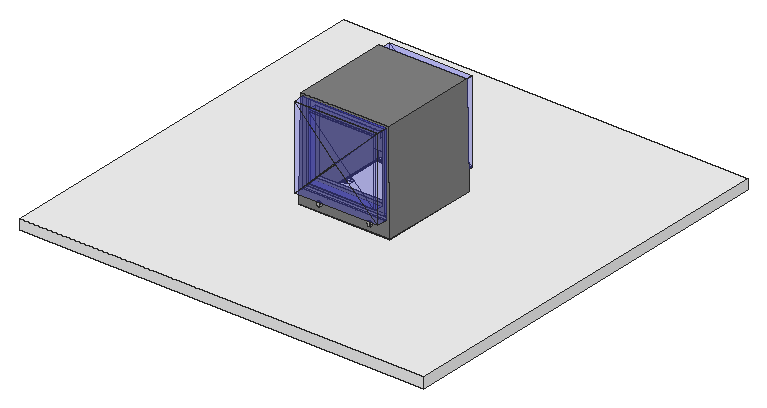
Revit family "BE_50063.5_de_DE", category Leuchten, Revit 2020
Family settings
  Basisbauteil = Fläche
  Bemaßung runder Anschluss = Durchmesser verwenden
  Teiletyp = Normal
  Beim Laden mit Abzugskörper schneiden = Ja
  Lichtquelle = Ja
  Gemeinsam genutzt = Nein
  Raumberechnungspunkt = Ja
Parameters (values of type "BEGA_50063.5_K4")
  built-in parameter 1150104 = 16.992 (stored number, unit not read)
  Wattage = 7.6 W
  Default Elevation = 0 mm
  built-in parameter 1150113 = 1 (stored number, unit not read)
  built-in parameter 1114218 = 1 (stored number, unit not read)
  Umgebungstemperatur = "25 °C"
  URL = "https://www.bega.com/de/produkt/50063.5"
  Typenkommentare = "© 2022 BEGA. Wir behalten uns das Recht vor, technische Änderungen ohne vorherige Ankündigung vorzunehmen."  # constant formula
  built-in parameter 1150134 = 12
  built-in parameter 1150109 = 1 (stored number, unit not read)
  Strom = ""
  built-in parameter 1150110 = 1 (stored number, unit not read)
  Spannung = 239.996 V
  Sonderanfertigung = no
  Seriennummer [instance] = "Hier können Sie die eindeutige Seriennummer für das Facility Management eintragen."
  Schutzklasse = "I"
  Schutzart = "IP 20"
  Scheinlast = 0 VA
  Produktdatenblatt = "https://cdn.bega.com/bega/products/50063.5K3/current/documents/data-sheets/de"
  Oberflächentemperatur = ""
  Neigungswinkel = 0.00°
  Modell = "50063.5K4"
  Material_17 = BEGA_Reflektor
  Material_15 = BEGA_Leuchtmedium_matt
  Material_11 = BEGA_Glas_opal
  Material_09 = BEGA_Glas_klar
  Material_08 = BEGA_Oberfläche_Stahl_verzinkt
  Material_06 = BEGA_Oberfläche_Edelstahl_gebürstet
  Material_05 = BEGA_Oberfläche_Aluminium Guss
  Material_03 = BEGA_Oberfläche_Weiss_matt
  Material_02 = BEGA_Oberfläche_Silber_matt
  Material_01 [instance] = BEGA_Oberfläche_Grafit_matt
  M_W = no
  M_G = no
  M_A = no
  Logo = 0
  built-in parameter 1114217 = 1 (stored number, unit not read)
  built-in parameter 1150139 = (empty or 0)
  built-in parameter 1150105 = 110.62 (stored number, unit not read)
  built-in parameter 1150114 = 1 (stored number, unit not read)
  Lumens = 1390.04 lm
  built-in parameter 1150115 = 1 (stored number, unit not read)
  Leuchtenlichtstrom = "570 lm"
  Leuchtenanzahl = ""
  Lebensdauerkriterien = "L70B50 @ 25 °C = 200000 h"
  Lastklassifizierung = Beleuchtung
  built-in parameter 1150112 = 1 (stored number, unit not read)
  Lampenlichtstrom = "1400 lm"
  Lampe = "LED 7.6 W"
  LED_Modulbezeichnung = "2x LED-0276/940"
  Hersteller = "BEGA"  # constant formula
  Halbstreuwinkel = ""
  Gewicht = "1.0 kg"
  Gebrauchslageneinschränkung [instance] = ""
  Frequenz = "0/50-60 Hz"
  Farbwiedergabeindex = "CRI > 90"
  Farbtemperaturverschiebung bei Dämpfen der Lampe = <Keine Auswahl>
  Farbtemperatur = "4000 K"
  Color Filter = 16777215
  built-in parameter 1150133 = 10 (stored number, unit not read)
  Energieeffizienzklasse = "LED A++ - A"
  built-in parameter 1150137 = (empty or 0)
  built-in parameter 1150132 = (empty or 0)
  ENEC = "ja"
  Dimmbar [instance] = "on/off"
  Datei für fotometrisches Netz = "BE_50063.5K4.IES"
  CE_Konformität = "ja"
  Bestellnummer = "50063.5K4"
  Beschreibung_Sonderanfertigung = "Hier können Sie Informationen zur Sonderanfertigung eintragen."
  Beschreibung = "Wandleuchte"
  built-in parameter 1150106 = 1.1062 (stored number, unit not read)
  Befestigungsbohrung = "Ø 4,5 mm"
  Befestigungsabstand = "65 mm"
  Ballwurfsicher = ""
  BEGA_Intern_aus = yes
  BEGA_Intern_an = yes
  BEGA_Intern_Konstruktion = yes
  BEGA_Intern = yes
  BEGA_IES = yes
  BEGA_Dummy = no
  Anschlussleitung = ""
  Anschlussleistung [instance] = "9 W"
  Anschlusskasten = ""
  built-in parameter 1150107 = 4000 (stored number, unit not read)
  built-in parameter 1150102 = (empty or 0)
  built-in parameter 1150138 = (empty or 0)
  Aktualisierung = "2022-05-18T04:00:07"
  Abstand_zur_angestrahlten_Fläche [instance] = ""
  AC/DC = "AC/DC"
Types (2, lengths in mm): name | built-in parameter 1150104 | built-in parameter 1150134 | Modell | built-in parameter 1150105 | Lumens | Leuchtenlichtstrom | Lampenlichtstrom | LED_Modulbezeichnung | Farbtemperatur | Datei für fotometrisches Netz | Bestellnummer | built-in parameter 1150106 | built-in parameter 1150107
  BEGA_50063.5_K4 | 16.992 (stored number, unit not read) | 12 | "50063.5K4" | 110.62 (stored number, unit not read) | 1390.04 lm | "570 lm" | "1400 lm" | "2x LED-0276/940" | "4000 K" | "BE_50063.5K4.IES" | "50063.5K4" | 1.1062 (stored number, unit not read) | 4000 (stored number, unit not read)
  BEGA_50063.5_K3 | 16.258 (stored number, unit not read) | (empty or 0) | "50063.5K3" | 105.84 (stored number, unit not read) | 1330 lm | "541 lm" | "1330 lm" | "2x LED-0276/930" | "3000 K" | "BE_50063.5K3.IES" | "50063.5K3" | 1.0584 (stored number, unit not read) | 3000 (stored number, unit not read)
Reference planes
  plane 1 "Mitte (Vorne/Hinten)": y = 0
  plane 2: z = 0
  plane 3 "Mitte (Links/Rechts)": x = 0
  plane 4 "Links": x = -45
  plane 5 "Rechts": x = 45
  plane 6 "Unten": y = -59.933
  plane 7 "Oben": y = 59.933
  plane 8 "Vorne": z = 100
  plane 9 "Hinten": z = 0
Forms (mm)
  Extrusion 1, solid, material "BEGA_Platte_Weiss"
    sketch origin (0, -1119.2, 0) x (1, 0, 0) y (0, 1, 0)
      loop
        line (-200, 1319.2) -> (-200, 919.2) -> (200, 919.2) -> (200, 1319.2) -> (-200, 1319.2)
    from 0 to -10
  Extrusion 2, solid, material "BEGA_Dummy_matt", visible <- "BEGA_Dummy"
    sketch origin (80.095, -76.023, 0) x (1, 0, 0) y (0, 1, 0)
      loop
        line (-125.095, 135.956) -> (-125.095, 16.091) -> (-35.095, 16.091) -> (-35.095, 135.956) -> (-125.095, 135.956)
    from 0 to 100
Dimensions and locks
  plane 1 "Mitte (Vorne/Hinten)" to Extrusion 1 = 200 mm
  aligned and locked: plane 2 to Extrusion 1
  aligned and locked: level to Extrusion 1
Nested families
  nested 1: "BE_50063.5" at (0, 0, 0), type "BE_50063.5"
Connectors
  electrical at (0, 0, 0), driven by "Lastklassifizierung", driven by "Spannung", driven by "Scheinlast"
    settings: index 1, voltage 239.996 V, apparent load 0 VA, apparent load phase1 0 VA, apparent load phase2 0 VA, apparent load phase3 0 VA, power factor 1, load classification "Beleuchtung", number of poles 1, system type 31, power factor state 1, is connector primary yes, connector utility no, sub classification motor no, connector description ""
Definition of nested family "BE_50063.5"
  Parameters (values of type "BE_50063.5")
    Default Elevation = 1 mm
    URL = "http://www.bega.de/de/produkt"
    Type Comments = "© 2015 BEGA. Wir behalten uns das Recht vor, technische Änderungen ohne vorherige Ankündigung vorzunehmen. "  # constant formula
    Type Image = (empty or 0)
    Neigungswinkel_um_Z2 = 0.00°
    Neigungswinkel_um_Z1 = 0.00°
    Neigungswinkel_um_Y2 = 0.00°
    Neigungswinkel_um_Y1 = 0.00°
    Neigungswinkel_um_X2 = 0.00°
    Neigungswinkel_um_X1 = 0.00°
    Material_17 = none
    Material_15 = none
    Material_11 = none
    Material_09 = none
    Material_08 = none
    Material_06 = none
    Material_05 = none
    Material_03 = none
    Material_02 = none
    Material_01 = none
    M_W = yes
    M_G = yes
    M_A = yes
    Länge_Platte = 200 mm  # constant formula
    Höhe_Platte = -10 mm  # constant formula
    Manufacturer = "BEGA"  # constant formula
    Drehwinkel_um_Z2 = 0.00°
    Drehwinkel_um_Z1 = 0.00°
    Breite_Platte = 200 mm  # constant formula
  Reference planes
    plane 1 "Mitte (Oben/Unten)": y = 0
    plane 2: z = 0
    plane 3 "Mitte (Links/Rechts)": x = 0
    plane 4: x = -45
    plane 5: z = 100
    plane 6: x = 45
    plane 7: y = 59.933
    plane 8: y = -59.933
  Forms (mm)
    Extrusion 1, solid, detail levels medium
      sketch origin (0, 0, 0) x (1, 0, 0) y (0, 1, 0)
        loop
          line (-100, 100) -> (-100, -100) -> (100, -100) -> (100, 100) -> (-100, 100)
      from 0 to -10 <- "Höhe_Platte"
    Extrusion 2, solid, material <- "Material_01", detail levels medium+fine
      sketch origin (0, 0, 0) x (0, 1, 0) y (0, 0, 1)
        loop
          line (48.25, 1) -> (48.25, 100) -> (-48.25, 100) -> (-48.25, 1) -> (-45.046, 1) -> (-45.046, 14) -> (-38.126, 14) -> (-38.126, 93) -> (38.126, 93) -> (38.126, 14) -> (45.046, 14) -> (45.046, 1) -> (48.25, 1)
      from -46.262 to 45.91
    Extrusion 3, solid, material <- "Material_01", detail levels medium+fine
      sketch origin (0, 0, 0) x (1, 0, 0) y (0, 0, 1)
        loop
          line (-46.262, 100) -> (-46.262, 1) -> (-41.809, 1) -> (-41.809, 100) -> (-46.262, 100)
        loop
          line (46.262, 100) -> (41.809, 100) -> (41.809, 1) -> (46.262, 1) -> (46.262, 100)
      from -48.25 to 48.25
    Extrusion 4, void
      sketch origin (0, 0, 0) x (1, 0, 0) y (0, 0, 1)
        loop
          line (-43.257, 100.874) -> (-46.262, 100.874) -> (-46.262, 0.652) -> (-45.006, 0.652) -> (-43.257, 100.874)
        loop
          line (43.257, 100.874) -> (45.006, 0.652) -> (46.262, 0.652) -> (46.262, 100.874) -> (43.257, 100.874)
      from -54.367 to 54.729
    Extrusion 5, void
      sketch origin (0, 0, 0) x (0, 1, 0) y (0, 0, 1)
        loop
          line (43.483, 89.749) -> (-43.906, 89.749) -> (-43.906, 25.491) -> (43.483, 25.491) -> (43.483, 89.749)
      from -33.322 to 33.208
    Extrusion 6, void
      sketch origin (0, 0, 0) x (0, 1, 0) y (0, 0, 1)
        loop
          line (48.25, 98.063) -> (42.45, 98.063) -> (42.45, 15.433) -> (48.25, 15.433) -> (48.25, 98.063)
        loop
          line (-48.25, 98.063) -> (-48.25, 15.433) -> (-42.45, 15.433) -> (-42.45, 98.063) -> (-48.25, 98.063)
      from -41.25 to 41.313
    Sweep 7, solid, material <- "Material_11", detail levels medium+fine
      path origin (0, 0, 0) x (1, 0, 0) y (0, 0, 1)
        loop
          line (41.25, 97.933) -> (-41.25, 97.933) -> (-41.25, 15.433) -> (41.25, 15.433) -> (41.25, 97.933)
      profile origin (0, 0, 97.933) x (0, 0, -1) y (0, -1, 0)
        loop
          line (-0.067, -46.95) -> (0.352, -58.947)
          arc (0.352, -58.947) -> (20.761, -59.689) -> (41.183, -59.933) r 836.627
          line (41.183, -59.933) -> (41.183, -53.463)
          arc (41.183, -53.463) -> (25.118, -52.991) -> (9.076, -52.023) r 520.56
          arc (9.076, -52.023) -> (8.43, -51.718) -> (8.152, -51.06) r 1
          line (8.152, -51.06) -> (7.851, -42.45) -> (2.738, -42.45) -> (2.581, -46.95) -> (-0.067, -46.95)
    Sweep 8, solid, material <- "Material_11", detail levels medium+fine
      path origin (0, 0, 0) x (1, 0, 0) y (0, 0, -1)
        loop
          line (41.25, -97.933) -> (41.25, -15.433) -> (-41.25, -15.433) -> (-41.25, -97.933) -> (41.25, -97.933)
      profile origin (0, 0, 97.933) x (0, 0, 1) y (0, 1, 0)
        loop
          line (0.067, -46.95) -> (-2.581, -46.95) -> (-2.738, -42.45) -> (-7.851, -42.45) -> (-8.152, -51.06)
          arc (-8.152, -51.06) -> (-8.43, -51.718) -> (-9.076, -52.023) r 1
          arc (-9.076, -52.023) -> (-25.118, -52.991) -> (-41.183, -53.463) r 520.56
          line (-41.183, -53.463) -> (-41.183, -59.933)
          arc (-41.183, -59.933) -> (-20.761, -59.689) -> (-0.352, -58.947) r 836.627
          line (-0.352, -58.947) -> (0.067, -46.95)
    Sweep 9, solid, material <- "Material_03", detail levels medium+fine
      path origin (0, 0, 0) x (1, 0, 0) y (0, 1, 0)
        loop
          line (45, 48.25) -> (-45, 48.25) -> (-45, -48.25) -> (45, -48.25) -> (45, 48.25)
      profile origin (0, 48.25, 0) x (0, -1, 0) y (0, 0, 1)
        loop
          line (0.75, 0) -> (5, 0)
          arc (5, 0) -> (6.061, 0.439) -> (6.5, 1.5) r 1.5
          line (6.5, 1.5) -> (6.5, 2.5)
          arc (6.5, 2.5) -> (6.646, 2.854) -> (7, 3) r 0.5
          line (7, 3) -> (35.781, 3) -> (35.781, 4) -> (7, 4)
          arc (7, 4) -> (5.939, 3.561) -> (5.5, 2.5) r 1.5
          line (5.5, 2.5) -> (5.5, 1.5)
          arc (5.5, 1.5) -> (5.354, 1.146) -> (5, 1) r 0.5
          line (5, 1) -> (0.75, 1) -> (0.75, 0)
    Extrusion 10, void
      sketch origin (0, 0, 0) x (1, 0, 0) y (0, 1, 0)
        loop
          circle (15, 24.6) r 8.5
        loop
          circle (-34, -1.9) r 4.25
        loop
          circle (34, -1.9) r 4.25
      from 0 to 6.683
    Extrusion 11, solid, material <- "Material_03", detail levels medium+fine
      sketch origin (0, 0, 0) x (1, 0, 0) y (0, 1, 0)
        loop
          line (-9.219, -12.469) -> (9.219, -12.469) -> (9.219, 12.469) -> (-9.219, 12.469) -> (-9.219, -12.469)
      from 3 to 4
    Revolve 12, void
      sketch origin (0, -9.199, 8) x (1, 0, 0) y (0, 1, 0)
        loop
          line (-25, -37.114) -> (-25, -39.501) -> (-22.298, -39.501) -> (-23.112, -38.09) -> (-23.112, -37.114) -> (-25, -37.114)
        axis (-25, -37.114) -> (-25, -39.501)
      angle from 0 to 360
    Revolve 13, solid, material <- "Material_06", detail levels fine
      sketch origin (-25, 0, 0) x (0, 1, 0) y (0, 0, 1)
        loop
          line (-49.15, 10) -> (-49.15, 8) -> (-45.433, 8) -> (-45.433, 10.5) -> (-46.575, 10.5) -> (-47.289, 10) -> (-49.15, 10)
        axis (-49.15, 8) -> (-45.433, 8)
      angle from 0 to 360
    Revolve 14, void
      sketch origin (0, -9.199, 8) x (-1, 0, 0) y (0, -1, 0)
        loop
          line (-25, 37.114) -> (-23.112, 37.114) -> (-23.112, 38.09) -> (-22.298, 39.501) -> (-25, 39.501) -> (-25, 37.114)
        axis (-25, 37.114) -> (-25, 39.501)
      angle from 0 to 360
    Revolve 15, solid, material <- "Material_06", detail levels fine
      sketch origin (25, 0, 0) x (0, 1, 0) y (0, 0, -1)
        loop
          line (-49.15, -10) -> (-47.289, -10) -> (-46.575, -10.5) -> (-45.433, -10.5) -> (-45.433, -8) -> (-49.15, -8) -> (-49.15, -10)
        axis (-49.15, -8) -> (-45.433, -8)
      angle from 0 to 360
  Cuts and joins
    Extrusion 4, Extrusion 5, Extrusion 6, Extrusion 10, Revolve 12, Revolve 14 cuts Extrusion 2
    Extrusion 4, Extrusion 5, Extrusion 6, Extrusion 10, Revolve 12, Revolve 14 cuts Extrusion 3
    joined: Extrusion 2, Extrusion 3
    Extrusion 10 cuts Sweep 9
    joined: Sweep 9, Extrusion 11
    Revolve 14 cuts Revolve 13
  Dimensions and locks
    equal spacing: Extrusion 1 sketch curve, plane 3 "Mitte (Links/Rechts)", Extrusion 1 sketch curve
    equal spacing: Extrusion 1 sketch curve, plane 1 "Mitte (Oben/Unten)", Extrusion 1 sketch curve
    "Länge_Platte": Extrusion 1 sketch curve to Extrusion 1 sketch curve
    "Breite_Platte": Extrusion 1 sketch curve to Extrusion 1 sketch curve
    aligned and locked: Extrusion 1 to plane 2
    aligned and locked: level to Extrusion 1
  Automatic sketch dimensions
    level to Extrusion 3 sketch curve = 1 mm  (x2)
    Extrusion 3 sketch curve to plane 3 "Mitte (Links/Rechts)" = 46.262 mm
    Extrusion 3 sketch curve to Extrusion 3 sketch curve = 4.453 mm  (x2)
    plane 3 "Mitte (Links/Rechts)" to Extrusion 3 sketch curve = 41.809 mm
    Extrusion 3 sketch curve to Extrusion 3 sketch curve = 99 mm
    Extrusion 3 sketch curve to Extrusion 3 sketch curve = 0 mm
    level to Extrusion 4 sketch curve = 0.652 mm  (x2)
    Extrusion 4 sketch curve to plane 3 "Mitte (Links/Rechts)" = 46.262 mm
    Extrusion 4 sketch curve to Extrusion 4 sketch curve = 1.256 mm  (x2)
    Extrusion 4 sketch curve to Extrusion 4 sketch curve = 3.006 mm
    plane 3 "Mitte (Links/Rechts)" to Extrusion 4 sketch curve = 43.257 mm
    plane 3 "Mitte (Links/Rechts)" to Extrusion 4 sketch curve = 45.006 mm
    Extrusion 4 sketch curve to Extrusion 4 sketch curve = 0 mm
    plane 1 "Mitte (Oben/Unten)" to Extrusion 5 sketch curve = 43.906 mm
    Extrusion 5 sketch curve to plane 1 "Mitte (Oben/Unten)" = 43.483 mm
    level to Extrusion 5 sketch curve = 25.491 mm
    Extrusion 5 sketch curve to Extrusion 5 sketch curve = 64.259 mm
    level to Extrusion 6 sketch curve = 15.433 mm  (x2)
    plane 1 "Mitte (Oben/Unten)" to Extrusion 6 sketch curve = 48.25 mm
    Extrusion 6 sketch curve to Extrusion 6 sketch curve = 5.8 mm  (x2)
    Extrusion 6 sketch curve to plane 1 "Mitte (Oben/Unten)" = 42.45 mm
    Extrusion 6 sketch curve to Extrusion 6 sketch curve = 82.63 mm  (x2)
    Sweep 7 sketch curve to plane 3 "Mitte (Links/Rechts)" = 41.25 mm
    level to Sweep 7 sketch curve = 15.433 mm
    plane 3 "Mitte (Links/Rechts)" to Sweep 7 sketch curve = 41.25 mm
    Sweep 7 sketch curve to Sweep 7 sketch curve = 82.5 mm
    profile plane to Sweep 7 sketch curve = 0.067 mm
    Sweep 7 sketch curve to profile plane = 0.352 mm
    Sweep 7 sketch curve to profile plane = 2.581 mm
    Sweep 7 sketch curve to profile plane = 2.738 mm
    Sweep 7 sketch curve to Sweep 7 sketch curve = 5.113 mm
    Sweep 7 sketch curve to Sweep 7 sketch curve = 5.571 mm
    Sweep 7 sketch curve to Sweep 7 sketch curve = 0.999 mm
    Sweep 7 sketch curve to profile plane = 40.953 mm
    Sweep 7 sketch curve to Sweep 7 sketch curve = 32.032 mm
    Sweep 7 sketch curve to profile plane = 48.45 mm
    Sweep 7 sketch curve to plane 1 "Mitte (Oben/Unten)" = 59.933 mm
    Sweep 7 sketch curve to Sweep 7 sketch curve = 0.986 mm
    Sweep 7 sketch curve to Sweep 7 sketch curve = 6.469 mm
    Sweep 7 sketch curve to Sweep 7 sketch curve = 7.886 mm
    Sweep 7 sketch curve to Sweep 7 sketch curve = 0.035 mm
    Sweep 7 sketch curve to Sweep 7 sketch curve = 4.11 mm
    Sweep 7 sketch curve to Sweep 7 sketch curve = 4.5 mm
    Sweep 7 sketch curve to Sweep 7 sketch curve = 309.648 mm
    Sweep 8 sketch curve to plane 3 "Mitte (Links/Rechts)" = 41.25 mm
    level to Sweep 8 sketch curve = 15.433 mm
    plane 3 "Mitte (Links/Rechts)" to Sweep 8 sketch curve = 41.25 mm
    Sweep 8 sketch curve to Sweep 8 sketch curve = 82.5 mm
    profile plane to Sweep 8 sketch curve = 48.45 mm
    profile plane to Sweep 8 sketch curve = 41.183 mm
    profile plane to Sweep 8 sketch curve = 40.953 mm
    profile plane to Sweep 8 sketch curve = 9.151 mm
    Sweep 8 sketch curve to Sweep 8 sketch curve = 0.999 mm
    profile plane to Sweep 8 sketch curve = 7.851 mm
    profile plane to Sweep 8 sketch curve = 2.738 mm
    profile plane to Sweep 8 sketch curve = 2.581 mm
    profile plane to Sweep 8 sketch curve = 0.352 mm
    Sweep 8 sketch curve to profile plane = 0.067 mm
    Sweep 8 sketch curve to profile plane = 59.933 mm
    Sweep 8 sketch curve to Sweep 8 sketch curve = 0.986 mm
    Sweep 8 sketch curve to Sweep 8 sketch curve = 6.469 mm
    Sweep 8 sketch curve to Sweep 8 sketch curve = 7.886 mm
    Sweep 8 sketch curve to Sweep 8 sketch curve = 0.035 mm
    Sweep 8 sketch curve to Sweep 8 sketch curve = 4.11 mm
    Sweep 8 sketch curve to Sweep 8 sketch curve = 4.5 mm
    Sweep 8 sketch curve to Sweep 8 sketch curve = 309.648 mm
    Sweep 9 sketch curve to plane 3 "Mitte (Links/Rechts)" = 45 mm
    plane 3 "Mitte (Links/Rechts)" to Sweep 9 sketch curve = 45 mm
    plane 1 "Mitte (Oben/Unten)" to Sweep 9 sketch curve = 48.25 mm
    Sweep 9 sketch curve to plane 1 "Mitte (Oben/Unten)" = 48.25 mm
    Sweep 9 sketch curve to Sweep 9 sketch curve = 0 mm  (x4)
    Sweep 9 sketch curve to level = 0 mm
    Sweep 9 sketch curve to profile plane = 0.75 mm
    level to Sweep 9 sketch curve = 1 mm
    Sweep 9 sketch curve to Sweep 9 sketch curve = 4.25 mm
    Sweep 9 sketch curve to Sweep 9 sketch curve = 0.5 mm  (x2)
    level to Sweep 9 sketch curve = 3 mm
    Sweep 9 sketch curve to Sweep 9 sketch curve = 28.781 mm
    plane 1 "Mitte (Oben/Unten)" to Extrusion 10 sketch curve = 1.9 mm  (x2)
    Extrusion 10 sketch curve to plane 3 "Mitte (Links/Rechts)" = 34 mm
    plane 3 "Mitte (Links/Rechts)" to Extrusion 10 sketch curve = 15 mm
    Extrusion 10 sketch curve to Extrusion 10 sketch curve = 19 mm
    Extrusion 10 sketch curve to plane 1 "Mitte (Oben/Unten)" = 24.6 mm
    Extrusion 11 sketch curve to plane 3 "Mitte (Links/Rechts)" = 9.219 mm
    plane 3 "Mitte (Links/Rechts)" to Extrusion 11 sketch curve = 9.219 mm
    plane 1 "Mitte (Oben/Unten)" to Extrusion 11 sketch curve = 12.469 mm
    Extrusion 11 sketch curve to plane 1 "Mitte (Oben/Unten)" = 12.469 mm
    Revolve 12 sketch curve to plane 3 "Mitte (Links/Rechts)" = 25 mm
    Revolve 12 sketch curve to Revolve 12 sketch curve = 1.888 mm
    Revolve 12 sketch curve to Revolve 12 sketch curve = 0.814 mm
    plane 1 "Mitte (Oben/Unten)" to Revolve 12 sketch curve = 48.7 mm
    Revolve 12 sketch curve to Revolve 12 sketch curve = 1.411 mm
    Revolve 12 sketch curve to Revolve 12 sketch curve = 0.976 mm
    Revolve 12 sketch curve to Revolve 12 sketch curve = 0 mm
    Revolve 12 sketch curve to Revolve 12 sketch curve = 1.782 mm
    Revolve 12 sketch curve to Revolve 12 sketch curve = 1.743 mm
    level to Revolve 13 sketch curve = 10 mm
    plane 1 "Mitte (Oben/Unten)" to Revolve 13 sketch curve = 49.15 mm
    Revolve 13 sketch curve to Revolve 13 sketch curve = 1.861 mm
    level to Revolve 13 sketch curve = 10.5 mm
    Revolve 13 sketch curve to Revolve 13 sketch curve = 0.714 mm
    Revolve 13 sketch curve to Revolve 13 sketch curve = 1.142 mm
    Revolve 13 sketch curve to Revolve 13 sketch curve = 2 mm  (x2)
    Revolve 13 sketch curve to Revolve 13 sketch curve = 0.817 mm
    Revolve 13 sketch curve to Revolve 13 sketch curve = 0 mm
    plane 3 "Mitte (Links/Rechts)" to Revolve 14 sketch curve = 25 mm
    Revolve 14 sketch curve to Revolve 14 sketch curve = 1.888 mm
    Revolve 14 sketch curve to Revolve 14 sketch curve = 0.814 mm
    plane 1 "Mitte (Oben/Unten)" to Revolve 14 sketch curve = 46.314 mm
    Revolve 14 sketch curve to Revolve 14 sketch curve = 0.976 mm
    Revolve 14 sketch curve to Revolve 14 sketch curve = 1.411 mm
    Revolve 14 sketch curve to Revolve 14 sketch curve = 0 mm
    Revolve 14 sketch curve to Revolve 14 sketch curve = 1.743 mm
    Revolve 14 sketch curve to Revolve 14 sketch curve = 1.782 mm
    level to Revolve 15 sketch curve = 10 mm
    plane 1 "Mitte (Oben/Unten)" to Revolve 15 sketch curve = 49.15 mm
    Revolve 15 sketch curve to Revolve 15 sketch curve = 1.861 mm
    level to Revolve 15 sketch curve = 10.5 mm
    Revolve 15 sketch curve to Revolve 15 sketch curve = 0.714 mm
    Revolve 15 sketch curve to Revolve 15 sketch curve = 1.142 mm
    Revolve 15 sketch curve to Revolve 15 sketch curve = 2.5 mm
    Revolve 15 sketch curve to Revolve 15 sketch curve = 2 mm
    Revolve 15 sketch curve to Revolve 15 sketch curve = 0.817 mm
    Revolve 15 sketch curve to Revolve 15 sketch curve = 0 mm
    Extrusion 4 sketch curve to plane 5 = 0.874 mm
    plane 5 to Extrusion 2 sketch curve = 0 mm
    Extrusion 2 sketch curve to plane 8 = 11.683 mm
    Extrusion 2 sketch curve to Extrusion 2 sketch curve = 3.204 mm
    Extrusion 2 sketch curve to Extrusion 2 sketch curve = 10.124 mm
    Extrusion 2 sketch curve to plane 7 = 21.806 mm
    level to Extrusion 2 sketch curve = 1 mm  (x2)
    Extrusion 2 sketch curve to Extrusion 2 sketch curve = 6.92 mm
    Extrusion 2 sketch curve to plane 7 = 11.683 mm
    Extrusion 2 sketch curve to Extrusion 2 sketch curve = 13 mm
    level to Extrusion 2 sketch curve = 14 mm
    plane 5 to Extrusion 2 sketch curve = 7 mm
    radius of Extrusion 10 sketch curve = 8.5 mm
    radius of Extrusion 10 sketch curve = 4.25 mm  (x2)
